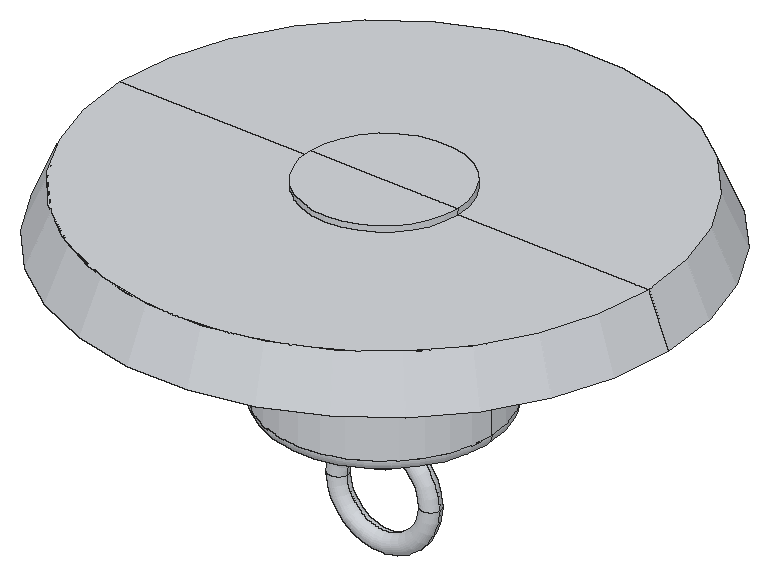
Revit family "39601", category Lighting Fixtures, host Face, Revit 2018
Family settings
  Host = Face
  Round Connector Dimension = Use Diameter
  Part Type = Normal
  OmniClass Number = 23.80.70.00
  OmniClass Title = Lighting
  Cut with Voids When Loaded = No
  Light Source = Yes
  Shared = No
  Room Calculation Point = No
Parameters (values of type "0039601 GRANIT IP65 0-10V 31000LM 840 MB")
  Weight = "n/a"
  Wattage Comments = ""
  Wattage = 1322.64 W
  WarrantyStartDate [instance] = "n/a"
  WarrantyGuarantorParts = "n/a"
  WarrantyDurationUnit = "n/a"
  WarrantyDurationParts = ""
  WarrantyDescription = "http://www.sylvania-lighting.com"
  built-in parameter 1150110 = 1 (stored number, unit not read)
  Voltage = 0 V
  URL = "1"
  TypeName = "Granit IP65 0-10V 31000lm 840 MB"
  Type Image = <None>
  Type Comments = "n/a"
  built-in parameter 1114217 = 1 (stored number, unit not read)
  Tilt Angle = -90.00°
  built-in parameter 1150109 = 1 (stored number, unit not read)
  built-in parameter 1150134 = 12
  TOP_D_SYL = if([00_90W_DALI], 14 mm, if([00_135W_DALI], 16 mm, if([00_180/220W_DALI], 15 mm, if([00_90W_0-10V], 15 mm, if([00_135W_0-10V], 15 mm, 15 mm)))))  # 15 mm
  built-in parameter 1150113 = 1 (stored number, unit not read)
  SerialNumber [instance] = "n/a"
  SENSOR_WIDTH_SYL = if([00_90W_DALI], 40 mm, 40 mm)  # 40 mm
  SENSOR_HEIGHT_SYL = if([00_90W_DALI], 3 mm, 3 mm)  # 3 mm
  RING_TOP_SYL = if([00_90W_DALI], 67 mm, if([00_135W_DALI], 69 mm, if([00_180/220W_DALI], 68 mm, if([00_90W_0-10V], 66 mm, if([00_135W_0-10V], 69 mm, 74 mm)))))  # 66 mm
  RING_SYL = if([00_90W_DALI], 64 mm, if([00_135W_DALI], 75 mm, if([00_180/220W_DALI], 84 mm, if([00_90W_0-10V], 65 mm, if([00_135W_0-10V], 65 mm, 75 mm)))))  # 65 mm
  RING_BOTT_SYL = if([00_90W_DALI], 63 mm, if([00_135W_DALI], 64 mm, if([00_180/220W_DALI], 64 mm, if([00_90W_0-10V], 61 mm, if([00_135W_0-10V], 64 mm, 68 mm)))))  # 61 mm
  RAD1_SYL = if([00_90W_DALI], 154 mm, if([00_135W_DALI], 160.5 mm, if([00_180/220W_DALI], 192.5 mm, if([00_90W_0-10V], 154 mm, if([00_135W_0-10V], 160.5 mm, 192.5 mm)))))  # 154 mm
  Photometric Web File = "0039601.ies"
  Material_3_SYL = none
  PowerFactor = 0.95
  PowerConsumption = "Lighting"
  NominalLength = 385 mm
  NominalHeight = 166 mm
  NominalDepth = 308 mm
  Name = "Granit IP65 0-10V 31000lm 840 MB"
  ModelReference = Name  # "Granit IP65 0-10V 31000lm 840 MB"
  ModelNumber = "0039601"
  Model = Name  # "Granit IP65 0-10V 31000lm 840 MB"
  Material = "Feilo Sylvania"
  ManufacturerName = "141 lm/W"
  Manufacturer = ""
  MID_DR_SYL = if([00_90W_DALI], 58 mm, if([00_135W_DALI], 58 mm, if([00_180/220W_DALI], 58 mm, if([00_90W_0-10V], 58 mm, if([00_135W_0-10V], 58 mm, 58 mm)))))  # 58 mm
  LuminousEfficacy = ""
  built-in parameter 1150105 = 15156.3 (stored number, unit not read)
  Lumens = 190460.1 lm
  LuminaireType = "0"
  built-in parameter 1150115 = 1 (stored number, unit not read)
  LightOutputRatio = "LED"
  built-in parameter 1150137 = (empty or 0)
  built-in parameter 1150139 = (empty or 0)
  LampsType = Lamp  # "n/a"
  LampNominalLuminous = "4000 K"
  LampMacAdamStep = "80"
  LampColourTemperature = "LED"
  LampColourRenderingIndex = "16500"
  built-in parameter 1150112 = 1 (stored number, unit not read)
  built-in parameter 1150114 = 1 (stored number, unit not read)
  Lamp = "n/a"
  LUM_TOP_SYL = if([00_90W_DALI], 104 mm, if([00_135W_DALI], 109 mm, if([00_180/220W_DALI], 139 mm, if([00_90W_0-10V], 107 mm, if([00_135W_0-10V], 109 mm, 150 mm)))))  # 107 mm
  LUM_HEIGHT_SYL = if([00_90W_DALI], 26 mm, if([00_135W_DALI], 34 mm, if([00_180/220W_DALI], 37 mm, if([00_90W_0-10V], 26 mm, if([00_135W_0-10V], 34 mm, 40 mm)))))  # 26 mm
  LUM1_HEIGHT_SYL = if([00_90W_DALI], 32 mm, if([00_135W_DALI], 39 mm, if([00_180/220W_DALI], 42 mm, if([00_90W_0-10V], 31 mm, if([00_135W_0-10V], 39 mm, 46 mm)))))  # 31 mm
  Keynote = "n/a"
  InstallationDate [instance] = "n/a"
  InputVoltage = "0"
  InputNominalFrequency = "4000"
  built-in parameter 1150132 = (empty or 0)
  built-in parameter 1150102 = (empty or 0)
  built-in parameter 1150107 = 4000 (stored number, unit not read)
  built-in parameter 1150138 = (empty or 0)
  IngressProtection = "IfcLightFixtureType"
  ImpactProtectionIndex = "IfcLightFixtureType"
  built-in parameter 1150106 = 151.56 (stored number, unit not read)
  IfcExportType = "IfcLightFixtureType"
  IfcExportAs = "Class I"
  HEIGHT_SYL = if([00_90W_DALI], 146 mm, if([00_135W_DALI], 148 mm, if([00_180/220W_DALI], 140 mm, if([00_90W_0-10V], 132 mm, if([00_135W_0-10V], 134 mm, 140 mm)))))  # 132 mm
  Emit from Circle Diameter = 609.6 mm
  Emit Shape Visible in Rendering = no
  ElectricShockClassification = "141"
  built-in parameter 1150104 = 13.378 (stored number, unit not read)
  DocumentationLiterature = "http://www.sylvania-lighting.com/product/en-int/products/0039601"
  DimmingControlOptions = "n/a"
  Material_2_SYL = none
  Dimming Lamp Color Temperature Shift = <None>
  Description = "Integrated LED highbay; Black aluminium housing; 31000Lm; 220 W; 141 Lm/W; 4000K; Drive current: 860mA; CRI 80; 55° beam angle; 0-10V dimmable; IP65; IK08; Lifespan L80:B50 90,000 hrs; (D x H) 385 x 181 mm; 1.5 m mains cable; 1.5 m control cable; 1.2 m chain length including hooks."
  Default Elevation = 1219.2 mm
  DR_WIDTH_SYL = if([00_90W_DALI], 60 mm, if([00_135W_DALI], 72 mm, if([00_180/220W_DALI], 79 mm, if([00_90W_0-10V], 58 mm, if([00_135W_0-10V], 58 mm, 73 mm)))))  # 58 mm
  DR_WIDTH1_SYL = if([00_90W_DALI], 60 mm, if([00_135W_DALI], 61 mm, if([00_180/220W_DALI], 58 mm, if([00_90W_0-10V], 61 mm, if([00_135W_0-10V], 61 mm, 63 mm)))))  # 61 mm
  DR_TOP_SYL = if([00_90W_DALI], 120 mm, if([00_135W_DALI], 121 mm, if([00_180/220W_DALI], 120 mm, if([00_90W_0-10V], 107 mm, if([00_135W_0-10V], 110 mm, 115 mm)))))  # 107 mm
  DONUT_R1_SYL = 25 mm
  DONUT_H_SYL = HEIGHT_SYL + 15 mm  # 147 mm
  CreatedOn = "07/04/2022"
  CreatedBy = "@sylvania-lighting.com"
  Cost = 0
  Color Filter = 16777215
  built-in parameter 1114216 [instance] = (empty or 0)
  ClassificationValue = "EF_70_80"
  ClassificationName = "Uniclass2015"
  Material_1_SYL = none
  CHAMFER1_SYL = if([00_90W_DALI], 144 mm, if([00_135W_DALI], 147 mm, if([00_180/220W_DALI], 163 mm, if([00_90W_0-10V], 143 mm, if([00_135W_0-10V], 147 mm, 177 mm)))))  # 143 mm
  BarCode [instance] = "n/a"
  built-in parameter 1114218 = 1 (stored number, unit not read)
  built-in parameter 1150133 = 10 (stored number, unit not read)
  AssetType = "Fixed"
  AssetIdentifier [instance] = "n/a"
  Assembly Code = "D5020200"
  Apparent Load = 220 VA
  Material_4_SYL = none
  00_90W_0-10V = yes
  00_90W_DALI = no
  00_180/220W_0-10V = no
  00_180/220W_DALI = no
  00_135W_0-10V = no
  00_135W_DALI = no
Reference planes
  plane 1 "Center (Front/Back)": y = 0
  plane 2: z = 0
  plane 3 "Center (Left/Right)": x = 0
  plane 4: z = -26
  plane 5: z = -31
  plane 6: z = -61
  plane 7: z = -66
  plane 8: z = 3
  plane 9: z = -107
  plane 10: x = -15
  plane 11: x = -40
  plane 12: x = -58
  plane 13: x = -65
  plane 14: x = -107
  plane 15: x = -143
  plane 16: x = -154
  plane 17: z = -132
  plane 18: x = -61
  plane 19: x = 25
  plane 20: z = -147
Forms (mm)
  Revolve 1, solid
    sketch origin (0, 0, 0) x (1, 0, 0) y (0, 0, 1)
      loop
        line (0, 3) -> (-40, 3) -> (-40, 0) -> (-143, 0) -> (-154, -26) -> (-107, -26) -> (-107, -28)
        arc (-107, -28) -> (-106.121, -30.121) -> (-104, -31) r 3
        line (-104, -31) -> (-61, -31) -> (-61, -61) -> (-65, -61) -> (-65, -66) -> (-58, -66) -> (-58, -101)
        arc (-58, -101) -> (-56.243, -105.243) -> (-52, -107) r 6
        line (-52, -107) -> (-15, -107) -> (-15, -125)
        arc (-15, -125) -> (-12.95, -129.95) -> (-8, -132) r 7
        line (-8, -132) -> (0, -132) -> (0, 3)
      axis (0, -132) -> (0, 3)
    angle from 360 to 0
  Revolve 2, solid
    sketch origin (0, 1219.2, -147) x (1, 0, 0) y (0, 1, 0)
      loop
        circle (25, -1219.2) r 5
      axis (0, -1219.2) -> (0, -1220.2)
    angle from 360 to 0
Dimensions and locks
  "SENSOR_HEIGHT_SYL": plane 8 to host face
  "LUM_HEIGHT_SYL": host face to plane 4
  "LUM1_HEIGHT_SYL": host face to plane 5
  "RING_BOTT_SYL": host face to plane 6
  "RING_TOP_SYL": host face to plane 7
  "DR_TOP_SYL": host face to plane 9
  "HEIGHT_SYL": host face to plane 17
  "TOP_D_SYL": plane 10 to plane 3 "Center (Left/Right)"
  "SENSOR_WIDTH_SYL": plane 3 "Center (Left/Right)" to plane 11
  "DR_WIDTH_SYL": plane 3 "Center (Left/Right)" to plane 12
  "RING_SYL": plane 13 to plane 3 "Center (Left/Right)"
  "LUM_TOP_SYL": plane 3 "Center (Left/Right)" to plane 14
  "CHAMFER1_SYL": plane 3 "Center (Left/Right)" to plane 15
  "RAD1_SYL": plane 3 "Center (Left/Right)" to plane 16
  "DR_WIDTH1_SYL": plane 3 "Center (Left/Right)" to plane 18
  "DONUT_R1_SYL": imposter light to plane 19
  "DONUT_H_SYL": plane 20 to host face
  aligned and locked: plane 2 to host face
  aligned and locked: level to host face
  aligned and locked: plane 18 to Revolve 1 sketch curve
  aligned and locked: Revolve 2 sketch curve to imposter light
Automatic sketch dimensions
  host sketch curve to host sketch curve = 2438.4 mm  (x2)
  plane 1 "Center (Front/Back)" to Revolve 2 sketch curve = 0 mm
  Revolve 2 sketch curve to plane 19 = 0 mm
  plane 1 "Center (Front/Back)" to Revolve 2 sketch curve = 304.8 mm
  Revolve 2 sketch curve to plane 1 "Center (Front/Back)" = 304.8 mm
  Revolve 1 sketch curve to plane 4 = 0 mm
  plane 16 to Revolve 1 sketch curve = 0 mm
  Revolve 1 sketch curve to level = 0 mm
  plane 15 to Revolve 1 sketch curve = 0 mm
  plane 14 to Revolve 1 sketch curve = 0 mm
  Revolve 1 sketch curve to plane 5 = 0 mm
  Revolve 1 sketch curve to plane 7 = 0 mm
  plane 13 to Revolve 1 sketch curve = 0 mm
  plane 12 to Revolve 1 sketch curve = 0 mm
  Revolve 1 sketch curve to plane 9 = 0 mm
  Revolve 1 sketch curve to plane 8 = 0 mm
  plane 11 to Revolve 1 sketch curve = 0 mm
  plane 10 to Revolve 1 sketch curve = 0 mm
  Revolve 1 sketch curve to plane 17 = 0 mm
  Revolve 1 sketch curve to plane 3 "Center (Left/Right)" = 0 mm  (x2)
  Revolve 1 sketch curve to plane 6 = 0 mm
  Revolve 1 sketch curve to plane 14 = 3 mm
  plane 4 to Revolve 1 sketch curve = 2 mm
  Revolve 1 sketch curve to plane 12 = 6 mm
  Revolve 1 sketch curve to plane 3 "Center (Left/Right)" = 8 mm
  Revolve 1 sketch curve to Revolve 1 sketch curve = 0 mm
  plane 20 to Revolve 1 sketch curve = 143.8 mm
  Revolve 1 sketch curve to Revolve 1 sketch curve = 301.8 mm
  radius of Revolve 2 sketch curve = 5 mm
Connectors
  electrical at (0, 0, 0), driven by "Apparent Load", driven by "PowerFactor", driven by "Voltage"
    settings: index 1, voltage 0 V, apparent load 220 VA, apparent load phase1 0 VA, apparent load phase2 0 VA, apparent load phase3 0 VA, power factor 0.95, load classification "Lighting", number of poles 1, system type 30, power factor state 1, is connector primary yes, connector utility no, sub classification motor no, connector description ""
